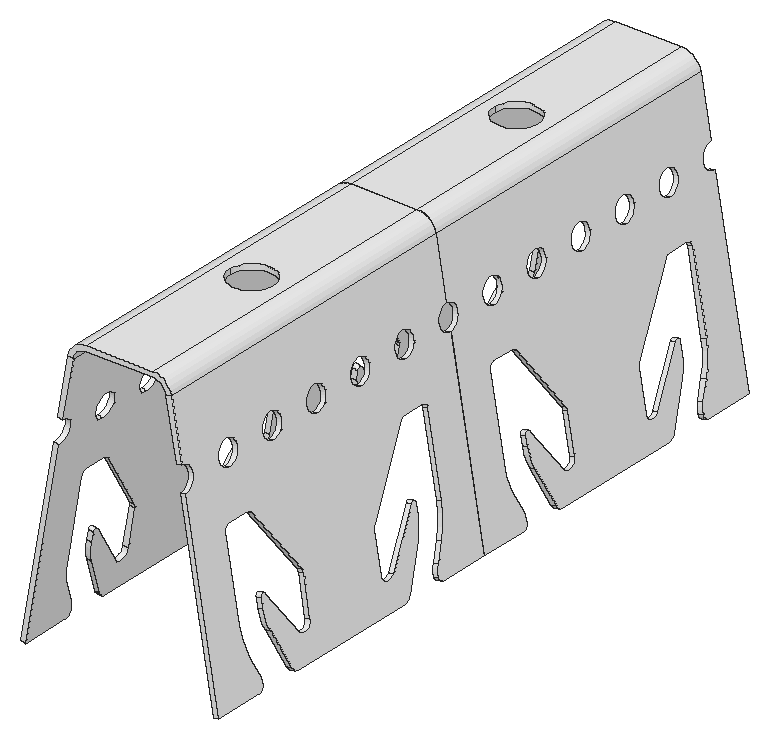
Revit family "HeartFelt-Linear-Carrier1-M60_HunterDouglasEurope", category Specialty Equipment, Revit 2016
Family settings
  Part Type = Normal
  Round Connector Dimension = Use Diameter
  OmniClass Number = 23.35.70.24.11.11.11
  OmniClass Title = Suspended Ceilings, Suspension Assembly
  Work Plane-Based = No
  Always vertical = No
  Cut with Voids When Loaded = No
  Shared = No
  Room Calculation Point = No
Parameters (values of type "HeartFelt AL Carrier1 M60_Transparent Coated")
  URL = "http://www.hunterdouglasarchitectural.eu/en-GB/ceilings/textile/heartfelt/index.jsp"
  Thickness = 0.95 mm
  System Weight (Panel1 40x55) = "4.3 kg/m²"  # constant formula
  System Openness = "33%"  # constant formula
  System Joint Width = "20mm"  # constant formula
  Substrate = "Aluminum"  # constant formula
  Subcategory = "HeartFelt® Ceilings"  # constant formula
  Product Line = "HeartFelt® Linear"  # constant formula
  Product Data = "http://assets2.hunterdouglascontract.com/documents/ceiling/Brochures/United%20Kingdom/Brochure-Heartfelt-en-UK.pdf"
  Model = "HeartFelt Carrier 1 M60"  # constant formula
  Material = Aluminum-7178_HunterDouglasEurope
  Manufacturer = "Hunter Douglas"  # constant formula
  Maintenance Instructions = "http://assets2.hunterdouglascontract.com/documents/ceiling/Brochures/_default/Cleaning-and-Maintenance-HeartFelt.pdf"
  Length [instance] = round(Carrier_actual length / 60.00 mm) * 60.00 mm  # 120.00 mm
  Instructions for Disassembly = "http://assets2.hunterdouglascontract.com/documents/ceiling/Installation%20Manuals/_default/Instructions-for-disassembly-or-component-extraction-of-HeartFelt-Linear-Felt-Ceilings.pdf"
  Instalation Instructions = "http://assets2.hunterdouglascontract.com/documents/ceiling/Installation%20Manuals/_default/Installation-Instructions-HeartFelt-EN.pdf"
  Height = 52.00 mm
  Fire rating = ""
  EN13501-1_Fire rating = "Class A2,s1,d0"  # constant formula
  Description = ""
  Colour Code = "7178"
  Carrier_length (max5000) [instance] = 120.00 mm
  Carrier_actual length [instance] = if([Carrier_length (max5000)] < 5000.00 mm, if([Carrier_length (max5000)] > 120.00 mm, [Carrier_length (max5000)], 120.00 mm), 5000.00 mm)  # 120.00 mm
  Carrier Exact Length = "4975mm"  # constant formula
  Article Code = "332076"  # constant formula
  Amount of Prongs [instance] = rounddown((Carrier_actual length - 30.00 mm) / 60.00 mm) + 1  # 2
  Alloy = "EN AW 5050"  # constant formula
Types (2, lengths in mm): name | Material | Colour Code
  HeartFelt AL Carrier1 M60_Transparent Coated | Aluminum-7178_HunterDouglasEurope | "7178"
  HeartFelt AL Carrier1 M60_Black | Aluminum-1863_HunterDouglasEurope | "1863"
Reference planes
  plane 1 "Center (Front/Back)": y = 0
  plane 2: z = 0
  plane 3 "Center (Left/Right)": x = 0
  plane 4 "Panel end": y = 90
  plane 5 "Panel start": y = -30
  plane 6: y = 0
  plane 7: y = 60
Dimensions and locks
  locked: plane 5 "Panel start" to plane 1 "Center (Front/Back)" at 30
  group 1 to group 2 = 0.00 mm  (x2)
  group 1 to group 2 = 60.00 mm
  plane 1 "Center (Front/Back)" to plane 7 = 60.00 mm
  "Carrier_length (max5000)": plane 4 "Panel end" to plane 5 "Panel start"
  aligned and locked: level to plane 2
  aligned and locked: plane 6 to plane 1 "Center (Front/Back)"
  aligned and locked: nested 1 to plane 5 "Panel start"
Nested families
  nested 1: "Module-60-Prong_HDE" at (0, 0, 0), type "Prong_M60"
  nested 2: "Module-60-Prong_HDE" at (0, 60, 0), type "Prong_M60"
Definition of nested family "Module-60-Prong_HDE"
  Parameters (values of type "Prong_M60")
    URL = "http://www.hunterdouglasarchitectural.eu/en-GB/ceilings/textile/heartfelt/index.jsp"
    Substrate = "Aluminum"  # constant formula
    Subcategory = "HeartFelt® Ceilings"  # constant formula
    Product Line = "HeartFelt® Linear"  # constant formula
    Model = "HeartFelt Carrier 1 M60"  # constant formula
    Material = none
    Manufacturer = "Hunter Douglas"  # constant formula
    Fire rating = ""
    Description = ""
    Colour Code = "7178"
    Article Code = "332076"  # constant formula
    Alloy = "EN AW 5050"  # constant formula
  Reference planes
    plane 1 "Center (Front/Back)": y = 0
    plane 2: z = 0
    plane 3 "Center (Left/Right)": x = 0
    plane 4 "Panel start": y = -30
    plane 5 "Right": through (18.054, -1524, 37.847) normal (-0.9848, 0, -0.1736)
    plane 6 "Left": through (-9.36, -1524, 87.149) normal (0.9848, 0, -0.1736)
  Forms (mm)
    Extrusion 1, solid, material <- "Material"
      sketch origin (23.982, 0, 4.229) x (0.173648, 0, -0.984808) y (0, -1, 0)
        loop
          line (-34.137, 30) -> (-69, 30)
          arc (-69, 30) -> (-71.25, 27.75) -> (-73.5, 30) r 2.25
          line (-73.5, 30) -> (-84.2, 30) -> (-84.2, -30) -> (-73.5, -30)
          arc (-73.5, -30) -> (-71.25, -27.75) -> (-69, -30) r 2.25
          line (-69, -30) -> (-34.137, -30) -> (-34.137, -20.997)
          arc (-34.137, -20.997) -> (-34.403, -20.317) -> (-35.061, -20) r 1
          arc (-35.061, -20) -> (-36.061, -20.06) -> (-37.015, -20.366) r 4
          line (-37.015, -20.366) -> (-39.951, -21.735)
          arc (-39.951, -21.735) -> (-42.734, -22.68) -> (-45.656, -23) r 13.5
          line (-45.656, -23) -> (-60.137, -23)
          arc (-60.137, -23) -> (-60.844, -22.707) -> (-61.137, -22) r 1
          line (-61.137, -22) -> (-61.137, -17.818)
          arc (-61.137, -17.818) -> (-61.024, -17.356) -> (-60.71, -16.998) r 1
          line (-60.71, -16.998) -> (-48.196, -8.236)
          arc (-48.196, -8.236) -> (-47.84, -8.06) -> (-47.448, -8) r 1.305
          line (-47.448, -8) -> (-40.398, -8)
          arc (-40.398, -8) -> (-38.972, -9.046) -> (-39.54, -10.72) r 1.495
          line (-39.54, -10.72) -> (-47.924, -16.59)
          arc (-47.924, -16.59) -> (-48.114, -17.15) -> (-47.637, -17.5) r 0.5
          line (-47.637, -17.5) -> (-45.878, -17.5)
          arc (-45.878, -17.5) -> (-43.93, -17.287) -> (-42.074, -16.657) r 9
          line (-42.074, -16.657) -> (-35.003, -13.359)
          arc (-35.003, -13.359) -> (-34.372, -12.806) -> (-34.137, -12) r 1.5
          line (-34.137, -12) -> (-34.137, 12)
          arc (-34.137, 12) -> (-34.372, 12.806) -> (-35.003, 13.359) r 1.5
          line (-35.003, 13.359) -> (-42.074, 16.657)
          arc (-42.074, 16.657) -> (-43.93, 17.287) -> (-45.878, 17.5) r 9
          line (-45.878, 17.5) -> (-47.637, 17.5)
          arc (-47.637, 17.5) -> (-48.114, 17.15) -> (-47.924, 16.59) r 0.5
          line (-47.924, 16.59) -> (-39.54, 10.72)
          arc (-39.54, 10.72) -> (-38.972, 9.046) -> (-40.398, 8) r 1.495
          line (-40.398, 8) -> (-47.448, 8)
          arc (-47.448, 8) -> (-47.84, 8.06) -> (-48.196, 8.236) r 1.305
          line (-48.196, 8.236) -> (-60.71, 16.998)
          arc (-60.71, 16.998) -> (-61.024, 17.356) -> (-61.137, 17.818) r 1
          line (-61.137, 17.818) -> (-61.137, 22)
          arc (-61.137, 22) -> (-60.844, 22.707) -> (-60.137, 23) r 1
          line (-60.137, 23) -> (-45.656, 23)
          arc (-45.656, 23) -> (-42.734, 22.68) -> (-39.951, 21.735) r 13.5
          line (-39.951, 21.735) -> (-37.015, 20.366)
          arc (-37.015, 20.366) -> (-36.061, 20.06) -> (-35.061, 20) r 4
          arc (-35.061, 20) -> (-34.403, 20.317) -> (-34.137, 20.997) r 1
          line (-34.137, 20.997) -> (-34.137, 30)
        loop
          circle (-71.25, 20) r 2.25
        loop
          circle (-71.25, 10) r 2.25
        loop
          circle (-71.25, 0) r 2.25
        loop
          circle (-71.25, -10) r 2.25
        loop
          circle (-71.25, -20) r 2.25
      from 0.95 to 0
    Extrusion 2, solid, material <- "Material"
      sketch origin (-23.982, 0, 4.229) x (0.173648, 0, 0.984808) y (0, -1, 0)
        loop
          line (84.2, 30) -> (73.5, 30)
          arc (73.5, 30) -> (71.25, 27.75) -> (69, 30) r 2.25
          line (69, 30) -> (34.137, 30) -> (34.137, 21)
          arc (34.137, 21) -> (34.43, 20.293) -> (35.137, 20) r 1
          arc (35.137, 20) -> (36.102, 20.07) -> (37.023, 20.37) r 4
          line (37.023, 20.37) -> (39.951, 21.735)
          arc (39.951, 21.735) -> (42.734, 22.68) -> (45.656, 23) r 13.5
          line (45.656, 23) -> (60.137, 23)
          arc (60.137, 23) -> (60.844, 22.707) -> (61.137, 22) r 1
          line (61.137, 22) -> (61.137, 17.818)
          arc (61.137, 17.818) -> (61.024, 17.356) -> (60.71, 16.998) r 1
          line (60.71, 16.998) -> (48.195, 8.235)
          arc (48.195, 8.235) -> (47.84, 8.06) -> (47.449, 8) r 1.3
          line (47.449, 8) -> (40.413, 8)
          arc (40.413, 8) -> (38.982, 9.049) -> (39.552, 10.729) r 1.5
          line (39.552, 10.729) -> (47.924, 16.59)
          arc (47.924, 16.59) -> (48.114, 17.15) -> (47.637, 17.5) r 0.5
          line (47.637, 17.5) -> (45.878, 17.5)
          arc (45.878, 17.5) -> (43.93, 17.287) -> (42.074, 16.657) r 9
          line (42.074, 16.657) -> (35.003, 13.359)
          arc (35.003, 13.359) -> (34.372, 12.806) -> (34.137, 12) r 1.5
          line (34.137, 12) -> (34.137, -12)
          arc (34.137, -12) -> (34.372, -12.806) -> (35.003, -13.359) r 1.5
          line (35.003, -13.359) -> (42.074, -16.657)
          arc (42.074, -16.657) -> (43.93, -17.287) -> (45.878, -17.5) r 9
          line (45.878, -17.5) -> (47.637, -17.5)
          arc (47.637, -17.5) -> (48.114, -17.15) -> (47.924, -16.59) r 0.5
          line (47.924, -16.59) -> (39.552, -10.729)
          arc (39.552, -10.729) -> (38.982, -9.049) -> (40.413, -8) r 1.5
          line (40.413, -8) -> (47.449, -8)
          arc (47.449, -8) -> (47.84, -8.06) -> (48.195, -8.235) r 1.3
          line (48.195, -8.235) -> (60.71, -16.998)
          arc (60.71, -16.998) -> (61.024, -17.356) -> (61.137, -17.818) r 1
          line (61.137, -17.818) -> (61.137, -22)
          arc (61.137, -22) -> (60.844, -22.707) -> (60.137, -23) r 1
          line (60.137, -23) -> (45.656, -23)
          arc (45.656, -23) -> (42.734, -22.68) -> (39.951, -21.735) r 13.5
          line (39.951, -21.735) -> (37.023, -20.37)
          arc (37.023, -20.37) -> (36.102, -20.07) -> (35.137, -20) r 4
          arc (35.137, -20) -> (34.43, -20.293) -> (34.137, -21) r 1
          line (34.137, -21) -> (34.137, -30) -> (69, -30)
          arc (69, -30) -> (71.25, -27.75) -> (73.5, -30) r 2.25
          line (73.5, -30) -> (84.2, -30) -> (84.2, 30)
        loop
          circle (71.25, -20) r 2.25
        loop
          circle (71.25, -10) r 2.25
        loop
          circle (71.25, 0) r 2.25
        loop
          circle (71.25, 10) r 2.25
        loop
          circle (71.25, 20) r 2.25
      from 0 to 0.95
    Extrusion 3, solid, material <- "Material"
      sketch origin (0, 0, 0) x (1, 0, 0) y (0, 0, 1)
        loop
          line (5.963, 90) -> (-5.963, 90)
          arc (-5.963, 90) -> (-8.18, 89.193) -> (-9.36, 87.149) r 3.45
          line (-9.36, 87.149) -> (-8.425, 86.984)
          arc (-8.425, 86.984) -> (-7.57, 88.465) -> (-5.963, 89.05) r 2.5
          line (-5.963, 89.05) -> (5.963, 89.05)
          arc (5.963, 89.05) -> (7.57, 88.465) -> (8.425, 86.984) r 2.5
          line (8.425, 86.984) -> (9.36, 87.149)
          arc (9.36, 87.149) -> (8.18, 89.193) -> (5.963, 90) r 3.45
      from 30 to -30
    Extrusion 4, void
      sketch origin (0, 0, 0) x (1, 0, 0) y (0, 1, 0)
        loop
          circle (0, 0) r 4
      from 90.5 to 88.5
  Cuts and joins
    Extrusion 4 cuts Extrusion 3
  Dimensions and locks
    plane 4 "Panel start" to plane 1 "Center (Front/Back)" = 30.00 mm
    aligned and locked: level to plane 2
